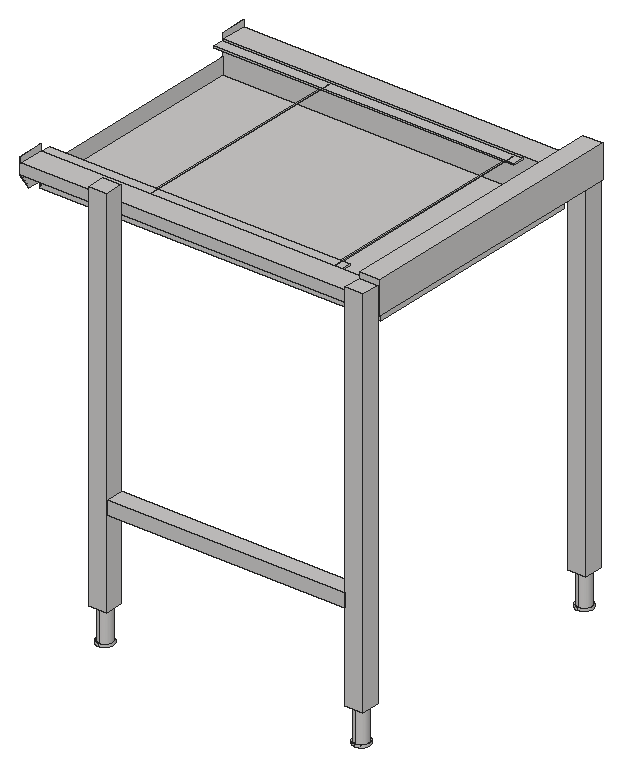
Revit family "QF_ELECTROLUXPROFESSIONAL_865451_HSSL8", category Specialty Equipment, Revit 2018
Family settings
  Round Connector Dimension = Use Diameter
  Part Type = Normal
  Work Plane-Based = No
  Always vertical = Yes
  Cut with Voids When Loaded = No
  Shared = No
  Room Calculation Point = No
Parameters
  Weight = 0.00 kg
  Watts = 0 W
  Volts = 0 V
  URL Manufacturer = "http://professional.electrolux.com/"
  URL = "http://professional.electrolux.com/"
  Steam Supply Size = 0 mm
  Steam Supply Minimum Pressure = 0.0 Pa
  Steam Supply Maximum Pressure = 0.0 Pa
  Steam Pounds per Hour = 0
  Refrigeration Suction Line Size = 0 mm
  Refrigeration Liquid Line Size = 0 mm
  Refrigerant Compressor Remote = yes
  Manufacturer = "Electrolux"
  Phase = 0
  Model = "HSSL8"
  Length Actual = 800 mm  # constant formula
  Item Number = "865451"
  Hot Water Size = 0 mm
  Height Actual = 922 mm  # constant formula
  HP = "0 HP"
  Gas Size = 0 mm
  Gas KW = 0
  Gas Input Pressure = 0 W
  Description = "SIDE LOADER, DW DRIVEN, 800MM"
  Depth Actual = 623 mm  # constant formula
  Cycle = 0 Hz
  Condensate Return Size = 0 mm
  Compressed Air Volume = 0.0 L/s
  Compressed Air Size = 0 mm
  Compressed Air Pressure = 0.0 Pa
  Cold Water Size = 0 mm
  Accessory = yes
Reference planes
  plane 1 "Centro (Fronte/Retro)": y = 74.737
  plane 2: z = 0
  plane 3 "LEFT": x = -1038.761
  plane 4 "BACK": y = 384.737
  plane 5 "FRONT": y = -235.263
  plane 6 "RIGHT": x = -238.761
  plane 7: z = 887.1
Forms (mm)
  Extrusion 1, solid, material "QF_Finishes_Stainless Steel"
    sketch origin (11.239, 0, 0) x (0, 1, 0) y (0, 0, 1)
      loop
        line (-235.263, 874.1) -> (-235.263, 850.033) -> (-178.263, 850.033) -> (-178.263, 874.1) -> (-235.263, 874.1)
      loop
        line (384.737, 874.1) -> (327.737, 874.1) -> (327.737, 850.033) -> (384.737, 850.033) -> (384.737, 874.1)
    from -1048.8 to -293.54
  Extrusion 2, solid, material "QF_Finishes_Stainless Steel"
    sketch origin (11.239, 0, 0) x (0, 1, 0) y (0, 0, 1)
      loop
        line (-179.749, 850.033) -> (-179.749, 800.081) -> (329.266, 800.081) -> (329.266, 850.033) -> (327.737, 850.033) -> (327.737, 803.081) -> (-178.263, 803.081) -> (-178.263, 850.033) -> (-179.749, 850.033)
    from -1048.8 to -293.54
  Extrusion 3, solid, material "QF_Finishes_Stainless Steel"
    sketch origin (1218.899, 723.253, 4000) x (0, 1, 0) y (0, 0, 1)
      loop
        line (-903.002, -3149.967) -> (-903.002, -3199.919) -> (-393.987, -3199.919) -> (-393.987, -3149.967) -> (-903.002, -3149.967)
    from -1500 to -1501.2
  Extrusion 4, solid, material "QF_Finishes_Stainless Steel"
    sketch origin (-548.761, 803.498, 0) x (0, 1, 0) y (0, 0, 1)
      loop
        line (-1079.929, 300) -> (-1079.929, 270) -> (-1039.929, 270) -> (-1039.929, 300) -> (-1079.929, 300)
    from -264.04 to 266.46
  Extrusion 5, solid, material "QF_Finishes_Stainless Steel"
    sketch origin (462.439, 723.253, 4000) x (0, 1, 0) y (0, 0, 1)
      loop
        line (-958.516, -3112.9) -> (-958.516, -3149.967) -> (-934.752, -3185.632) -> (-903.002, -3185.632) -> (-903.002, -3199.919) -> (-382.009, -3199.919) -> (-382.009, -3185.632) -> (-362.281, -3185.632) -> (-338.516, -3149.967) -> (-338.516, -3112.9) -> (-395.516, -3112.9) -> (-395.516, -3161.926) -> (-901.516, -3161.926) -> (-901.516, -3112.9) -> (-958.516, -3112.9)
    from -1500 to -1501.2
  Extrusion 6, solid, material "QF_Finishes_Stainless Steel"
    sketch origin (800, 74.737, 0) x (1, 0, 0) y (0, 0, 1)
      loop
        line (-1082.301, 922.1) -> (-1082.301, 850.033) -> (-1038.761, 850.033) -> (-1038.761, 922.1) -> (-1082.301, 922.1)
    from -310 to 310
  Extrusion 7, solid, material "QF_Finishes_Stainless Steel"
    sketch origin (11.239, 0, 40) x (0, 1, 0) y (0, 0, 1)
      loop
        line (-178.263, 831.1) -> (-178.263, 828.1) -> (-152.853, 828.1) -> (-152.853, 831.1) -> (-178.263, 831.1)
      loop
        line (327.737, 828.1) -> (327.737, 831.1) -> (302.405, 831.1) -> (302.405, 828.1) -> (327.737, 828.1)
    from -1048.8 to -381.964
  Extrusion 8, solid, material "QF_Finishes_Stainless Steel"
    sketch origin (0, 74.737, 0) x (1, 0, 0) y (0, 0, 1)
      loop
        circle (-394.266, 866.614) r 1.486
      loop
        circle (-803.224, 866.614) r 1.486
    from -253 to 253
Cuts and joins
  joined: Extrusion 1, Extrusion 2, Extrusion 3, Extrusion 5, Extrusion 6, Extrusion 7, Extrusion 8
Lines and regions (mm)
  Masking region 1
    outline origin (0, 0, 0) x (1, 0, 0) y (0, 1, 0)
      loop
        line (-1038.761, 384.737) -> (-1038.761, -235.263) -> (-238.761, -235.263) -> (-238.761, 384.737) -> (-1038.761, 384.737)
  symbolic lines
    curve 1: line (-238.761, 384.737, 0) -> (-1038.761, 384.737, 0)
    curve 2: line (-238.761, -235.263, 0) -> (-238.761, 384.737, 0)
    curve 3: line (-1038.761, -235.263, 0) -> (-238.761, -235.263, 0)
    curve 4: line (-282.301, -178.263, 0) -> (-1038.761, -178.263, 0)
    curve 5: line (-282.301, -235.263, 0) -> (-282.301, 384.737, 0)
    curve 6: line (-370.724, -178.263, 0) -> (-370.724, -152.853, 0)
    curve 7: line (-370.724, -152.853, 0) -> (-1038.761, -152.853, 0)
    curve 8: line (-799.461, -152.853, 0) -> (-799.461, 302.327, 0)
    curve 9: line (-1038.761, 327.737, 0) -> (-282.301, 327.737, 0)
    curve 10: line (-796.488, 302.327, 0) -> (-796.488, -152.853, 0)
    curve 11: line (-395.752, -152.853, 0) -> (-395.752, 302.327, 0)
    curve 12: line (-392.779, 302.147, 0) -> (-392.779, -152.853, 0)
    curve 13: line (-370.724, 327.737, 0) -> (-370.724, 302.327, 0)
    curve 14: line (-370.724, 302.327, 0) -> (-1038.761, 302.327, 0)
    curve 15: line (-1038.761, 74.737, 0) -> (-1008.761, 74.737, 0)
    curve 16: line (-547.551, -235.263, 0) -> (-547.551, -205.263, 0)
Dimensions and locks
  plane 3 "LEFT" to plane 6 "RIGHT" = 800 mm
  equal spacing: plane 4 "BACK", plane 1 "Centro (Fronte/Retro)", plane 5 "FRONT"
  plane 4 "BACK" to plane 5 "FRONT" = 620 mm
  aligned and locked: level to plane 2
Automatic sketch dimensions
  plane 5 "FRONT" to Extrusion 2 sketch curve = 55.514 mm
  Extrusion 2 sketch curve to Extrusion 2 sketch curve = 1.486 mm
  Extrusion 2 sketch curve to plane 4 "BACK" = 57 mm
  Extrusion 2 sketch curve to Extrusion 2 sketch curve = 1.529 mm
  Extrusion 2 sketch curve to plane 7 = 87.019 mm
  Extrusion 2 sketch curve to Extrusion 2 sketch curve = 3 mm
  Extrusion 2 sketch curve to plane 7 = 37.067 mm  (x2)
  plane 5 "FRONT" to Extrusion 3 sketch curve = 55.514 mm
  Extrusion 3 sketch curve to plane 4 "BACK" = 55.471 mm
  Extrusion 3 sketch curve to plane 7 = 87.019 mm
  Extrusion 3 sketch curve to plane 7 = 37.067 mm
  Masking region 1 sketch curve to plane 3 "LEFT" = 0 mm
  Masking region 1 sketch curve to plane 5 "FRONT" = 0 mm
  Masking region 1 sketch curve to plane 6 "RIGHT" = 0 mm
  Masking region 1 sketch curve to plane 4 "BACK" = 0 mm
  Extrusion 4 sketch curve to plane 5 "FRONT" = 41.168 mm
  Extrusion 4 sketch curve to plane 5 "FRONT" = 1.168 mm
  level to Extrusion 4 sketch curve = 270 mm
  Extrusion 4 sketch curve to Extrusion 4 sketch curve = 30 mm
  Extrusion 5 sketch curve to plane 5 "FRONT" = 0 mm
  Extrusion 5 sketch curve to plane 7 = 0 mm  (x2)
  Extrusion 5 sketch curve to plane 4 "BACK" = 0 mm
  plane 5 "FRONT" to Extrusion 5 sketch curve = 23.764 mm
  Extrusion 5 sketch curve to Extrusion 5 sketch curve = 31.75 mm
  plane 5 "FRONT" to Extrusion 5 sketch curve = 57 mm
  Extrusion 5 sketch curve to plane 4 "BACK" = 57 mm
  Extrusion 5 sketch curve to Extrusion 5 sketch curve = 13.508 mm
  Extrusion 5 sketch curve to Extrusion 5 sketch curve = 19.728 mm
  Extrusion 5 sketch curve to plane 7 = 37.067 mm  (x2)
  Extrusion 5 sketch curve to Extrusion 5 sketch curve = 11.959 mm
  Extrusion 5 sketch curve to Extrusion 5 sketch curve = 23.706 mm  (x2)
  Extrusion 5 sketch curve to Extrusion 5 sketch curve = 14.287 mm
  Extrusion 6 sketch curve to plane 6 "RIGHT" = 0 mm
  Extrusion 6 sketch curve to plane 6 "RIGHT" = 43.54 mm
  Extrusion 6 sketch curve to plane 7 = 37.067 mm
  plane 7 to Extrusion 6 sketch curve = 35 mm
  plane 5 "FRONT" to Extrusion 7 sketch curve = 57 mm
  Extrusion 7 sketch curve to plane 4 "BACK" = 57 mm
  Extrusion 7 sketch curve to plane 7 = 16 mm  (x2)
  Extrusion 7 sketch curve to Extrusion 7 sketch curve = 25.41 mm
  Extrusion 7 sketch curve to Extrusion 7 sketch curve = 25.332 mm
  Extrusion 7 sketch curve to Extrusion 7 sketch curve = 3 mm  (x2)
  Extrusion 1 sketch curve to plane 5 "FRONT" = 0 mm
  Extrusion 1 sketch curve to plane 4 "BACK" = 0 mm
  plane 5 "FRONT" to Extrusion 1 sketch curve = 57 mm
  Extrusion 1 sketch curve to plane 7 = 13 mm  (x2)
  Extrusion 1 sketch curve to plane 4 "BACK" = 57 mm
  Extrusion 1 sketch curve to Extrusion 1 sketch curve = 24.067 mm
  Extrusion 1 sketch curve to plane 7 = 37.067 mm
  Extrusion 8 sketch curve to plane 7 = 20.486 mm  (x2)
  plane 3 "LEFT" to Extrusion 8 sketch curve = 235.537 mm
  Extrusion 8 sketch curve to plane 6 "RIGHT" = 155.505 mm
  curve 9 to plane 3 "LEFT" = 0 mm
  curve 1 to plane 3 "LEFT" = 0 mm
  plane 1 "Centro (Fronte/Retro)" to curve 15 = 0 mm
  curve 15 to plane 3 "LEFT" = 0 mm
  curve 14 to plane 3 "LEFT" = 0 mm
  curve 3 to plane 3 "LEFT" = 0 mm
  curve 7 to plane 3 "LEFT" = 0 mm
  curve 4 to plane 3 "LEFT" = 0 mm
  curve 16 to plane 5 "FRONT" = 0 mm
  curve 5 to plane 4 "BACK" = 0 mm
  curve 2 to plane 6 "RIGHT" = 0 mm
  curve 14 to plane 6 "RIGHT" = 131.964 mm
  curve 7 to plane 6 "RIGHT" = 131.964 mm
  plane 5 "FRONT" to curve 6 = 82.41 mm
  curve 14 to plane 4 "BACK" = 82.41 mm
  curve 15 to curve 15 = 30 mm
  plane 3 "LEFT" to curve 8 = 239.3 mm
  curve 8 to curve 10 = 2.973 mm
  plane 5 "FRONT" to curve 16 = 30 mm
  curve 10 to curve 16 = 248.937 mm
  curve 11 to curve 6 = 25.027 mm
  curve 11 to curve 12 = 2.973 mm
  curve 5 to curve 2 = 43.54 mm
  curve 4 to curve 7 = 25.41 mm
  curve 12 to curve 11 = 0.181 mm
  curve 14 to curve 9 = 25.41 mm
  radius of Extrusion 8 sketch curve = 1.486 mm  (x2)
Nested families
  nested 1: "Foot_40x40" at (-832.801, -256.431, 0) x (0, 1, 0) z (0, 0, 1), type "Foot_40x40"
    with A 910 mm
  nested 2: "Foot_40x40" at (-262.253, -256.431, 0) x (0, 1, 0) z (0, 0, 1), type "Foot_40x40"
    with A 910 mm
  nested 3: "Foot_40x40" at (-262.253, 363.569, 0) x (0, 1, 0) z (0, 0, 1), type "Foot_40x40"
    with A 850.033 mm
Definition of nested family "Foot_40x40"
  Parameters
    A [instance] = 850 mm
  Reference planes
    plane 1 "Centro (Fronte/Retro)": y = 0
    plane 2: z = 0
    plane 3 "Centro (Sinistra/Destra)": x = 0
    plane 4: z = 850
  Forms (mm)
    Extrusion 1, solid
      sketch origin (0, 0, 0) x (1, 0, 0) y (0, 1, 0)
        loop
          circle (0, 0) r 18
      from 0 to 5
    Extrusion 2, solid
      sketch origin (0, 0, 5) x (1, 0, 0) y (0, 1, 0)
        loop
          circle (0, 0) r 15
      from 0 to 70
    Extrusion 3, solid
      sketch origin (0, 0, 75) x (1, 0, 0) y (0, 1, 0)
        loop
          line (-20, 20) -> (-20, -20) -> (20, -20) -> (20, 20) -> (-20, 20)
      from 0 to 775
  Dimensions and locks
    "A": plane 4 to plane 2
    aligned and locked: level to plane 2
    aligned and locked: plane 4 to Extrusion 3
    aligned and locked: Extrusion 1 to level
  Automatic sketch dimensions
    plane 1 "Centro (Fronte/Retro)" to Extrusion 1 sketch curve = 0 mm
    Extrusion 1 sketch curve to plane 3 "Centro (Sinistra/Destra)" = 0 mm
    Extrusion 3 sketch curve to Extrusion 3 sketch curve = 40 mm  (x2)
    radius of Extrusion 1 sketch curve = 18 mm
    radius of Extrusion 2 sketch curve to Extrusion 1 = 3 mm
